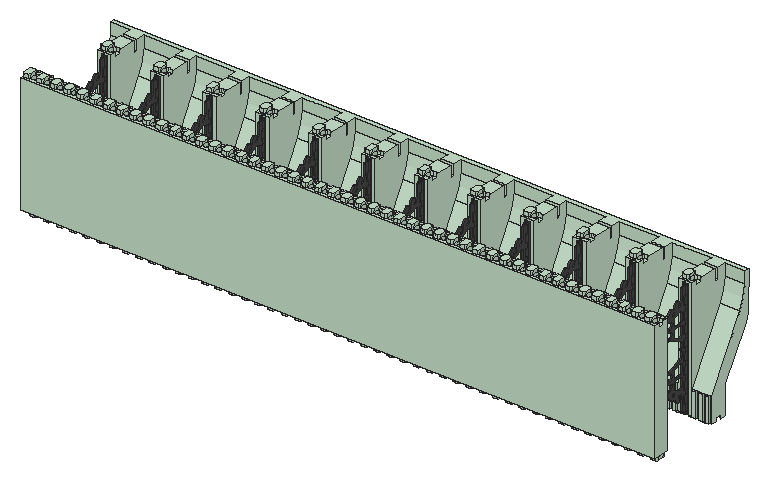
Revit family (continued)
Definition of nested family "NUDURA Diamond Pattern"
  Lines and regions (mm)
    model lines
      curve 177: arc (108.981, -142.875, 41.692) -> (107.493, -142.875, 38.1) -> (108.981, -142.875, 34.508) r 5.08
      curve 178: arc (105.934, -142.875, 33.065) -> (101.444, -142.875, 34.925) -> (96.953, -142.875, 33.065) r 6.35
      curve 179: line (115.459, -142.875, 23.54) -> (105.934, -142.875, 33.065)
      curve 180: arc (115.459, -142.875, 14.56) -> (117.319, -142.875, 19.05) -> (115.459, -142.875, 23.54) r 6.35
      curve 181: line (105.934, -142.875, 5.035) -> (115.459, -142.875, 14.56)
      curve 182: arc (96.953, -142.875, 5.035) -> (101.444, -142.875, 3.175) -> (105.934, -142.875, 5.035) r 6.35
      curve 183: line (87.428, -142.875, 14.56) -> (96.953, -142.875, 5.035)
      curve 184: arc (87.428, -142.875, 23.54) -> (85.569, -142.875, 19.05) -> (87.428, -142.875, 14.56) r 6.35
      curve 185: line (96.953, -142.875, 33.065) -> (87.428, -142.875, 23.54)
      curve 186: arc (108.981, -142.875, 79.792) -> (107.493, -142.875, 76.2) -> (108.981, -142.875, 72.608) r 5.08
      curve 187: arc (108.981, -142.875, 117.892) -> (107.493, -142.875, 114.3) -> (108.981, -142.875, 110.708) r 5.08
      curve 188: arc (108.981, -142.875, 155.992) -> (107.493, -142.875, 152.4) -> (108.981, -142.875, 148.808) r 5.08
      curve 189: arc (108.981, -142.875, 194.092) -> (107.493, -142.875, 190.5) -> (108.981, -142.875, 186.908) r 5.08
      curve 190: arc (108.981, -142.875, 232.192) -> (107.493, -142.875, 228.6) -> (108.981, -142.875, 225.008) r 5.08
      curve 191: arc (108.981, -142.875, 270.292) -> (107.493, -142.875, 266.7) -> (108.981, -142.875, 263.108) r 5.08
      curve 192: arc (108.981, -142.875, 308.392) -> (107.493, -142.875, 304.8) -> (108.981, -142.875, 301.208) r 5.08
      curve 193: arc (108.981, -142.875, 346.492) -> (107.493, -142.875, 342.9) -> (108.981, -142.875, 339.308) r 5.08
      curve 194: arc (108.981, -142.875, 384.592) -> (107.493, -142.875, 381) -> (108.981, -142.875, 377.408) r 5.08
      curve 195: arc (108.981, -142.875, 422.692) -> (107.493, -142.875, 419.1) -> (108.981, -142.875, 415.508) r 5.08
Definition of nested family "NUDURA Logo Diamond"
  Reference planes
    plane 1 "Center (Front/Back)": y = 0
    plane 2: z = 0
    plane 3 "Center (Left/Right)": x = 0
  Lines and regions (mm)
    model lines
      curve 1: line (320.001, 0, 444.526) -> (311.021, 0, 453.507)
      curve 2: line (313.973, 0, 425.925) -> (320.001, 0, 431.954)
      curve 3: line (320.001, 0, 406.426) -> (313.973, 0, 412.455)
      curve 4: line (313.973, 0, 387.825) -> (320.001, 0, 393.854)
      curve 5: line (320.001, 0, 368.326) -> (313.973, 0, 374.355)
      curve 6: line (313.973, 0, 349.725) -> (320.001, 0, 355.754)
      curve 7: line (309.225, 0, 337.411) -> (322.887, 0, 323.749)
      curve 8: line (322.887, 0, 323.749) -> (324.683, 0, 325.545)
      curve 9: line (286.583, 0, 323.749) -> (300.245, 0, 337.411)
      curve 10: line (295.497, 0, 336.255) -> (284.787, 0, 325.545)
      curve 11: line (289.468, 0, 355.754) -> (295.497, 0, 349.725)
      curve 12: line (295.497, 0, 374.355) -> (289.468, 0, 368.326)
      curve 13: line (289.468, 0, 393.854) -> (295.497, 0, 387.825)
      curve 14: line (295.497, 0, 412.455) -> (289.468, 0, 406.426)
      curve 15: line (289.468, 0, 431.954) -> (295.497, 0, 425.925)
      curve 16: line (298.449, 0, 453.507) -> (289.468, 0, 444.526)
      curve 17: line (300.245, 0, 451.711) -> (291.265, 0, 442.73)
      curve 18: line (318.205, 0, 442.73) -> (309.225, 0, 451.711)
      curve 19: line (309.225, 0, 424.77) -> (318.205, 0, 433.75)
      curve 20: line (291.265, 0, 433.75) -> (300.245, 0, 424.77)
      curve 21: arc (289.468, 0, 444.526) -> (286.865, 0, 438.24) -> (289.468, 0, 431.954) r 8.89
      curve 22: arc (298.449, 0, 453.507) -> (304.735, 0, 456.111) -> (311.021, 0, 453.507) r 8.89
      curve 23: arc (291.265, 0, 442.73) -> (289.405, 0, 438.24) -> (291.265, 0, 433.75) r 6.35
      curve 24: arc (318.205, 0, 442.73) -> (320.065, 0, 438.24) -> (318.205, 0, 433.75) r 6.35
      curve 25: arc (309.225, 0, 424.77) -> (304.735, 0, 422.91) -> (300.245, 0, 424.77) r 6.35
      curve 26: arc (300.245, 0, 451.711) -> (304.735, 0, 453.571) -> (309.225, 0, 451.711) r 6.35
      curve 27: arc (320.001, 0, 444.526) -> (322.605, 0, 438.24) -> (320.001, 0, 431.954) r 8.89
      curve 28: arc (295.497, 0, 425.925) -> (298.287, 0, 419.19) -> (295.497, 0, 412.455) r 9.525
      curve 29: arc (313.973, 0, 425.925) -> (311.183, 0, 419.19) -> (313.973, 0, 412.455) r 9.525
      curve 30: line (313.973, 0, 387.825) -> (320.001, 0, 393.854)
      curve 31: line (289.468, 0, 393.854) -> (295.497, 0, 387.825)
      curve 32: line (300.245, 0, 413.611) -> (291.265, 0, 404.63)
      curve 33: line (318.205, 0, 404.63) -> (309.225, 0, 413.611)
      curve 34: line (309.225, 0, 386.67) -> (318.205, 0, 395.65)
      curve 35: line (291.265, 0, 395.65) -> (300.245, 0, 386.67)
      curve 36: arc (289.468, 0, 406.426) -> (286.865, 0, 400.14) -> (289.468, 0, 393.854) r 8.89
      curve 37: arc (291.265, 0, 404.63) -> (289.405, 0, 400.14) -> (291.265, 0, 395.65) r 6.35
      curve 38: arc (318.205, 0, 404.63) -> (320.065, 0, 400.14) -> (318.205, 0, 395.65) r 6.35
      curve 39: arc (309.225, 0, 386.67) -> (304.735, 0, 384.81) -> (300.245, 0, 386.67) r 6.35
      curve 40: arc (300.245, 0, 413.611) -> (304.735, 0, 415.471) -> (309.225, 0, 413.611) r 6.35
      curve 41: arc (320.001, 0, 406.426) -> (322.605, 0, 400.14) -> (320.001, 0, 393.854) r 8.89
      curve 42: line (295.497, 0, 412.455) -> (289.468, 0, 406.426)
      curve 43: line (320.001, 0, 406.426) -> (313.973, 0, 412.455)
      curve 44: arc (295.497, 0, 387.825) -> (298.287, 0, 381.09) -> (295.497, 0, 374.355) r 9.525
      curve 45: arc (313.973, 0, 387.825) -> (311.183, 0, 381.09) -> (313.973, 0, 374.355) r 9.525
      curve 46: line (313.973, 0, 349.725) -> (320.001, 0, 355.754)
      curve 47: line (289.468, 0, 355.754) -> (295.497, 0, 349.725)
      curve 48: line (300.245, 0, 375.511) -> (291.265, 0, 366.53)
      curve 49: line (318.205, 0, 366.53) -> (309.225, 0, 375.511)
      curve 50: line (309.225, 0, 348.57) -> (318.205, 0, 357.55)
      curve 51: line (291.265, 0, 357.55) -> (300.245, 0, 348.57)
      curve 52: arc (289.468, 0, 368.326) -> (286.865, 0, 362.04) -> (289.468, 0, 355.754) r 8.89
      curve 53: arc (291.265, 0, 366.53) -> (289.405, 0, 362.04) -> (291.265, 0, 357.55) r 6.35
      curve 54: arc (318.205, 0, 366.53) -> (320.065, 0, 362.04) -> (318.205, 0, 357.55) r 6.35
      curve 55: arc (309.225, 0, 348.57) -> (304.735, 0, 346.71) -> (300.245, 0, 348.57) r 6.35
      curve 56: arc (300.245, 0, 375.511) -> (304.735, 0, 377.371) -> (309.225, 0, 375.511) r 6.35
      curve 57: arc (320.001, 0, 368.326) -> (322.605, 0, 362.04) -> (320.001, 0, 355.754) r 8.89
      curve 58: line (295.497, 0, 374.355) -> (289.468, 0, 368.326)
      curve 59: arc (295.497, 0, 349.725) -> (298.287, 0, 342.99) -> (295.497, 0, 336.255) r 9.525
      curve 60: arc (313.973, 0, 349.725) -> (311.183, 0, 342.99) -> (313.973, 0, 336.255) r 9.525
      curve 61: line (324.683, 0, 325.545) -> (313.973, 0, 336.255)
      curve 62: line (284.787, 0, 325.545) -> (286.583, 0, 323.749)
      curve 63: arc (300.245, 0, 337.411) -> (304.735, 0, 339.271) -> (309.225, 0, 337.411) r 6.35
      curve 64: line (320.001, 0, 12.854) -> (311.021, 0, 3.874)
      curve 65: line (313.973, 0, 31.455) -> (320.001, 0, 25.426)
      curve 66: line (320.001, 0, 50.954) -> (313.973, 0, 44.925)
      curve 67: line (313.973, 0, 69.555) -> (320.001, 0, 63.526)
      curve 68: line (320.001, 0, 89.054) -> (313.973, 0, 83.025)
      curve 69: line (313.973, 0, 107.655) -> (320.001, 0, 101.626)
      curve 70: line (309.225, 0, 119.97) -> (322.887, 0, 133.632)
      curve 71: line (322.887, 0, 133.632) -> (324.683, 0, 131.836)
      curve 72: line (286.583, 0, 133.632) -> (300.245, 0, 119.97)
      curve 73: line (295.497, 0, 121.125) -> (284.787, 0, 131.836)
      curve 74: line (289.468, 0, 101.626) -> (295.497, 0, 107.655)
      curve 75: line (295.497, 0, 83.025) -> (289.468, 0, 89.054)
      curve 76: line (289.468, 0, 63.526) -> (295.497, 0, 69.555)
      curve 77: line (295.497, 0, 44.925) -> (289.468, 0, 50.954)
      curve 78: line (289.468, 0, 25.426) -> (295.497, 0, 31.455)
      curve 79: line (298.449, 0, 3.874) -> (289.468, 0, 12.854)
      curve 80: line (300.245, 0, 5.67) -> (291.265, 0, 14.65)
      curve 81: line (318.205, 0, 14.65) -> (309.225, 0, 5.67)
      curve 82: line (309.225, 0, 32.611) -> (318.205, 0, 23.63)
      curve 83: line (291.265, 0, 23.63) -> (300.245, 0, 32.611)
      curve 84: arc (289.468, 0, 12.854) -> (286.865, 0, 19.14) -> (289.468, 0, 25.426) r 8.89
      curve 85: arc (298.449, 0, 3.874) -> (304.735, 0, 1.27) -> (311.021, 0, 3.874) r 8.89
      curve 86: arc (291.265, 0, 14.65) -> (289.405, 0, 19.14) -> (291.265, 0, 23.63) r 6.35
      curve 87: arc (318.205, 0, 14.65) -> (320.065, 0, 19.14) -> (318.205, 0, 23.63) r 6.35
      curve 88: arc (309.225, 0, 32.611) -> (304.735, 0, 34.471) -> (300.245, 0, 32.611) r 6.35
      curve 89: arc (300.245, 0, 5.67) -> (304.735, 0, 3.81) -> (309.225, 0, 5.67) r 6.35
      curve 90: arc (320.001, 0, 12.854) -> (322.605, 0, 19.14) -> (320.001, 0, 25.426) r 8.89
      curve 91: arc (295.497, 0, 31.455) -> (298.287, 0, 38.19) -> (295.497, 0, 44.925) r 9.525
      curve 92: arc (313.973, 0, 31.455) -> (311.183, 0, 38.19) -> (313.973, 0, 44.925) r 9.525
      curve 93: line (313.973, 0, 69.555) -> (320.001, 0, 63.526)
      curve 94: line (289.468, 0, 63.526) -> (295.497, 0, 69.555)
      curve 95: line (300.245, 0, 43.77) -> (291.265, 0, 52.75)
      curve 96: line (318.205, 0, 52.75) -> (309.225, 0, 43.77)
      curve 97: line (309.225, 0, 70.711) -> (318.205, 0, 61.73)
      curve 98: line (291.265, 0, 61.73) -> (300.245, 0, 70.711)
      curve 99: arc (289.468, 0, 50.954) -> (286.865, 0, 57.24) -> (289.468, 0, 63.526) r 8.89
      curve 100: arc (291.265, 0, 52.75) -> (289.405, 0, 57.24) -> (291.265, 0, 61.73) r 6.35
      curve 101: arc (318.205, 0, 52.75) -> (320.065, 0, 57.24) -> (318.205, 0, 61.73) r 6.35
      curve 102: arc (309.225, 0, 70.711) -> (304.735, 0, 72.571) -> (300.245, 0, 70.711) r 6.35
      curve 103: arc (300.245, 0, 43.77) -> (304.735, 0, 41.91) -> (309.225, 0, 43.77) r 6.35
      curve 104: arc (320.001, 0, 50.954) -> (322.605, 0, 57.24) -> (320.001, 0, 63.526) r 8.89
      curve 105: line (295.497, 0, 44.925) -> (289.468, 0, 50.954)
      curve 106: line (320.001, 0, 50.954) -> (313.973, 0, 44.925)
      curve 107: arc (295.497, 0, 69.555) -> (298.287, 0, 76.29) -> (295.497, 0, 83.025) r 9.525
      curve 108: arc (313.973, 0, 69.555) -> (311.183, 0, 76.29) -> (313.973, 0, 83.025) r 9.525
      curve 109: line (313.973, 0, 107.655) -> (320.001, 0, 101.626)
      curve 110: line (289.468, 0, 101.626) -> (295.497, 0, 107.655)
      curve 111: line (300.245, 0, 81.87) -> (291.265, 0, 90.85)
      curve 112: line (318.205, 0, 90.85) -> (309.225, 0, 81.87)
      curve 113: line (309.225, 0, 108.811) -> (318.205, 0, 99.83)
      curve 114: line (291.265, 0, 99.83) -> (300.245, 0, 108.811)
      curve 115: arc (289.468, 0, 89.054) -> (286.865, 0, 95.34) -> (289.468, 0, 101.626) r 8.89
      curve 116: arc (291.265, 0, 90.85) -> (289.405, 0, 95.34) -> (291.265, 0, 99.83) r 6.35
      curve 117: arc (318.205, 0, 90.85) -> (320.065, 0, 95.34) -> (318.205, 0, 99.83) r 6.35
      curve 118: arc (309.225, 0, 108.811) -> (304.735, 0, 110.671) -> (300.245, 0, 108.811) r 6.35
      curve 119: arc (300.245, 0, 81.87) -> (304.735, 0, 80.01) -> (309.225, 0, 81.87) r 6.35
      curve 120: arc (320.001, 0, 89.054) -> (322.605, 0, 95.34) -> (320.001, 0, 101.626) r 8.89
      curve 121: line (295.497, 0, 83.025) -> (289.468, 0, 89.054)
      curve 122: arc (295.497, 0, 107.655) -> (298.287, 0, 114.39) -> (295.497, 0, 121.125) r 9.525
      curve 123: arc (313.973, 0, 107.655) -> (311.183, 0, 114.39) -> (313.973, 0, 121.125) r 9.525
      curve 124: line (324.683, 0, 131.836) -> (313.973, 0, 121.125)
      curve 125: line (284.787, 0, 131.836) -> (286.583, 0, 133.632)
      curve 126: arc (300.245, 0, 119.97) -> (304.735, 0, 118.11) -> (309.225, 0, 119.97) r 6.35
      curve 127: line (314.26, 0, 317.59) -> (295.21, 0, 317.59)
      curve 128: line (323.785, 0, 149.315) -> (323.785, 0, 308.065)
      curve 129: line (285.685, 0, 308.065) -> (285.685, 0, 149.315)
      curve 130: line (295.21, 0, 139.79) -> (314.26, 0, 139.79)
      curve 131: line (316.797, 0, 304.89) -> (305.798, 0, 311.24)
      curve 132: line (316.797, 0, 292.19) -> (316.797, 0, 304.89)
      curve 133: line (311.298, 0, 289.015) -> (316.797, 0, 292.19)
      curve 134: line (305.373, 0, 292.436) -> (311.298, 0, 289.015)
      curve 135: line (310.447, 0, 295.365) -> (305.373, 0, 292.436)
      curve 136: line (299.874, 0, 307.82) -> (310.447, 0, 301.715)
      curve 137: line (310.447, 0, 301.715) -> (310.447, 0, 295.365)
      curve 138: line (305.798, 0, 311.24) -> (299.874, 0, 307.82)
      curve 139: line (299.023, 0, 295.611) -> (304.097, 0, 298.54)
      curve 140: line (304.097, 0, 298.54) -> (298.172, 0, 301.961)
      curve 141: line (298.172, 0, 301.961) -> (292.673, 0, 298.786)
      curve 142: line (292.673, 0, 298.786) -> (292.673, 0, 286.086)
      curve 143: line (299.023, 0, 289.261) -> (299.023, 0, 295.611)
      curve 144: line (309.596, 0, 283.156) -> (299.023, 0, 289.261)
      curve 145: line (303.671, 0, 279.736) -> (309.596, 0, 283.156)
      curve 146: line (292.673, 0, 286.086) -> (303.671, 0, 279.736)
      curve 147: line (312.702, 0, 269.344) -> (296.768, 0, 272.912)
      curve 148: line (296.768, 0, 272.912) -> (296.768, 0, 267.036)
      curve 149: line (296.768, 0, 267.036) -> (308.089, 0, 264.517)
      curve 150: line (308.089, 0, 264.517) -> (296.768, 0, 260.949)
      curve 151: line (296.768, 0, 260.949) -> (296.768, 0, 251.084)
      curve 152: line (296.768, 0, 251.084) -> (309.138, 0, 248.314)
      curve 153: line (309.138, 0, 248.314) -> (309.138, 0, 247.516)
      curve 154: line (309.138, 0, 247.516) -> (301.281, 0, 248.991)
      curve 155: line (296.768, 0, 245.246) -> (296.768, 0, 237.71)
      curve 156: line (306.598, 0, 222.094) -> (306.598, 0, 228.599)
      curve 157: line (306.598, 0, 228.599) -> (296.768, 0, 230.786)
      curve 158: line (296.768, 0, 230.786) -> (296.768, 0, 215.343)
      curve 159: line (302.723, 0, 230.274) -> (312.702, 0, 228.039)
      curve 160: line (300.341, 0, 217.291) -> (300.341, 0, 223.486)
      curve 161: line (300.341, 0, 223.486) -> (306.598, 0, 222.094)
      curve 162: line (296.768, 0, 205.027) -> (296.768, 0, 197.49)
      curve 163: line (302.723, 0, 190.055) -> (310.162, 0, 188.389)
      curve 164: line (310.162, 0, 188.389) -> (310.162, 0, 176.633)
      curve 165: line (308.892, 0, 175.363) -> (307.868, 0, 175.363)
      curve 166: line (306.598, 0, 176.633) -> (306.598, 0, 180.004)
      curve 167: line (306.598, 0, 180.004) -> (307.868, 0, 179.719)
      curve 168: line (307.868, 0, 179.719) -> (307.868, 0, 186.3)
      curve 169: line (307.868, 0, 186.3) -> (296.768, 0, 188.785)
      curve 170: line (296.768, 0, 188.785) -> (296.768, 0, 182.205)
      curve 171: line (296.768, 0, 182.205) -> (304.058, 0, 180.572)
      curve 172: line (304.058, 0, 180.572) -> (304.058, 0, 177.654)
      curve 173: line (302.788, 0, 176.384) -> (296.768, 0, 176.384)
      curve 174: line (296.768, 0, 176.384) -> (296.768, 0, 164.003)
      curve 175: line (296.768, 0, 164.003) -> (299.284, 0, 162.219)
      curve 176: line (299.284, 0, 162.219) -> (299.284, 0, 153.715)
      curve 177: line (307.942, 0, 156.079) -> (301.824, 0, 160.418)
      curve 178: line (301.824, 0, 160.418) -> (301.824, 0, 154.409)
      curve 179: line (301.824, 0, 154.409) -> (307.942, 0, 156.079)
      curve 180: line (299.284, 0, 153.715) -> (296.768, 0, 153.028)
      curve 181: line (296.768, 0, 153.028) -> (296.768, 0, 146.14)
      curve 182: line (296.768, 0, 146.14) -> (312.702, 0, 150.491)
      curve 183: line (312.702, 0, 150.491) -> (312.702, 0, 159.713)
      curve 184: line (312.702, 0, 159.713) -> (298.767, 0, 169.594)
      curve 185: line (298.767, 0, 169.594) -> (302.342, 0, 169.594)
      curve 186: line (312.702, 0, 172.383) -> (312.702, 0, 193.945)
      curve 187: line (312.702, 0, 193.945) -> (302.326, 0, 196.268)
      curve 188: line (300.341, 0, 198.747) -> (300.341, 0, 201.381)
      curve 189: line (301.888, 0, 202.62) -> (312.702, 0, 200.199)
      curve 190: line (312.702, 0, 200.199) -> (312.702, 0, 206.628)
      curve 191: line (312.702, 0, 206.628) -> (306.843, 0, 207.728)
      curve 192: line (312.702, 0, 212.942) -> (312.702, 0, 227.241)
      curve 193: line (312.702, 0, 227.241) -> (309.138, 0, 228.034)
      curve 194: line (309.138, 0, 228.034) -> (309.138, 0, 217.291)
      curve 195: line (312.702, 0, 228.039) -> (312.702, 0, 234.164)
      curve 196: line (312.702, 0, 234.164) -> (302.326, 0, 236.488)
      curve 197: line (300.341, 0, 238.966) -> (300.341, 0, 241.6)
      curve 198: line (301.736, 0, 242.874) -> (312.702, 0, 240.418)
      curve 199: line (312.702, 0, 240.418) -> (312.702, 0, 253.611)
      curve 200: line (312.702, 0, 253.611) -> (302.429, 0, 255.912)
      curve 201: line (302.429, 0, 255.912) -> (312.702, 0, 259.27)
      curve 202: line (312.702, 0, 259.27) -> (312.702, 0, 269.344)
      curve 203: arc (296.768, 0, 245.246) -> (298.145, 0, 248.178) -> (301.281, 0, 248.991) r 3.81
      curve 204: arc (296.768, 0, 237.71) -> (298.44, 0, 232.946) -> (302.723, 0, 230.274) r 7.62
      curve 205: arc (300.842, 0, 208.826) -> (297.87, 0, 211.5) -> (296.768, 0, 215.343) r 7.251
      curve 206: arc (296.768, 0, 205.027) -> (297.979, 0, 207.812) -> (300.842, 0, 208.826) r 3.808
      curve 207: arc (296.768, 0, 197.49) -> (298.44, 0, 192.727) -> (302.723, 0, 190.055) r 7.62
      curve 208: arc (300.341, 0, 198.747) -> (300.898, 0, 197.159) -> (302.326, 0, 196.268) r 2.54
      curve 209: arc (300.341, 0, 201.381) -> (300.817, 0, 202.372) -> (301.888, 0, 202.62) r 1.27
      curve 210: arc (307.868, 0, 175.363) -> (306.969, 0, 175.735) -> (306.598, 0, 176.633) r 1.27
      curve 211: arc (308.892, 0, 175.363) -> (309.79, 0, 175.735) -> (310.162, 0, 176.633) r 1.27
      curve 212: arc (304.058, 0, 177.654) -> (303.686, 0, 176.756) -> (302.788, 0, 176.384) r 1.27
      curve 213: arc (302.342, 0, 169.594) -> (303.976, 0, 170.198) -> (304.826, 0, 171.718) r 2.516
      curve 214: arc (304.826, 0, 171.718) -> (309.07, 0, 168.432) -> (312.702, 0, 172.383) r 3.966
      curve 215: arc (306.843, 0, 207.728) -> (310.942, 0, 209.02) -> (312.702, 0, 212.942) r 5.249
      curve 216: arc (300.341, 0, 217.291) -> (304.739, 0, 212.893) -> (309.138, 0, 217.291) r 4.398
      curve 217: arc (300.341, 0, 238.966) -> (300.898, 0, 237.378) -> (302.326, 0, 236.488) r 2.54
      curve 218: arc (300.341, 0, 241.6) -> (300.886, 0, 242.648) -> (302.057, 0, 242.802) r 1.279
      curve 219: arc (285.685, 0, 308.065) -> (288.475, 0, 314.8) -> (295.21, 0, 317.59) r 9.525
      curve 220: arc (314.26, 0, 317.59) -> (320.995, 0, 314.8) -> (323.785, 0, 308.065) r 9.525
      curve 221: arc (285.685, 0, 149.315) -> (288.475, 0, 142.58) -> (295.21, 0, 139.79) r 9.525
      curve 222: arc (314.26, 0, 139.79) -> (320.995, 0, 142.58) -> (323.785, 0, 149.315) r 9.525
      curve 223: line (253.935, 0, 457.2) -> (253.935, 0, 0)
      curve 224: line (355.535, 0, 457.2) -> (355.535, 0, 0)
      curve 225: line (406.335, 0, 457.2) -> (406.335, 0, 0)
Definition of nested family "NUDURA Brick Ledge Diamond Pattern"
  Reference planes
    plane 1 "Center (Front/Back)": y = 0
    plane 2: z = 0
    plane 3 "Center (Left/Right)": x = 0
    plane 4: z = 101.6
  Lines and regions (mm)
    model lines
      curve 1: line (203.2, -142.875, 101.6) -> (203.2, -142.875, 0)
      curve 2: line (152.4, -142.875, 101.6) -> (152.4, -142.875, 0)
      curve 3: line (50.8, -142.875, 101.6) -> (50.8, -142.875, 0)
      curve 4: arc (117.704, -142.875, 88.515) -> (120.494, -142.875, 95.25) -> (117.704, -142.875, 101.985) r 9.525
      curve 5: line (108.981, -142.875, 79.792) -> (117.704, -142.875, 88.515)
      curve 6: line (85.183, -142.875, 88.515) -> (93.906, -142.875, 79.792)
      curve 7: arc (85.183, -142.875, 101.985) -> (82.394, -142.875, 95.25) -> (85.183, -142.875, 88.515) r 9.525
      curve 8: arc (105.934, -142.875, 109.265) -> (101.444, -142.875, 111.125) -> (96.953, -142.875, 109.265) r 6.35
      curve 9: line (96.953, -142.875, 109.265) -> (87.428, -142.875, 99.74)
      curve 10: arc (87.428, -142.875, 99.74) -> (85.569, -142.875, 95.25) -> (87.428, -142.875, 90.76) r 6.35
      curve 11: line (87.428, -142.875, 90.76) -> (96.953, -142.875, 81.235)
      curve 12: arc (96.953, -142.875, 81.235) -> (101.444, -142.875, 79.375) -> (105.934, -142.875, 81.235) r 6.35
      curve 13: line (105.934, -142.875, 81.235) -> (115.459, -142.875, 90.76)
      curve 14: arc (115.459, -142.875, 90.76) -> (117.319, -142.875, 95.25) -> (115.459, -142.875, 99.74) r 6.35
      curve 15: line (115.459, -142.875, 99.74) -> (105.934, -142.875, 109.265)
      curve 16: arc (93.906, -142.875, 72.608) -> (95.394, -142.875, 76.2) -> (93.906, -142.875, 79.792) r 5.08
      curve 17: line (117.704, -142.875, 63.885) -> (108.981, -142.875, 72.608)
      curve 18: arc (117.704, -142.875, 50.415) -> (120.494, -142.875, 57.15) -> (117.704, -142.875, 63.885) r 9.525
      curve 19: line (108.981, -142.875, 41.692) -> (117.704, -142.875, 50.415)
      curve 20: line (85.183, -142.875, 50.415) -> (93.906, -142.875, 41.692)
      curve 21: arc (85.183, -142.875, 63.885) -> (82.394, -142.875, 57.15) -> (85.183, -142.875, 50.415) r 9.525
      curve 22: line (93.906, -142.875, 72.608) -> (85.183, -142.875, 63.885)
      curve 23: arc (105.934, -142.875, 71.165) -> (101.444, -142.875, 73.025) -> (96.953, -142.875, 71.165) r 6.35
      curve 24: line (96.953, -142.875, 71.165) -> (87.428, -142.875, 61.64)
      curve 25: arc (87.428, -142.875, 61.64) -> (85.569, -142.875, 57.15) -> (87.428, -142.875, 52.66) r 6.35
      curve 26: line (87.428, -142.875, 52.66) -> (96.953, -142.875, 43.135)
      curve 27: arc (96.953, -142.875, 43.135) -> (101.444, -142.875, 41.275) -> (105.934, -142.875, 43.135) r 6.35
      curve 28: line (105.934, -142.875, 43.135) -> (115.459, -142.875, 52.66)
      curve 29: arc (115.459, -142.875, 52.66) -> (117.319, -142.875, 57.15) -> (115.459, -142.875, 61.64) r 6.35
      curve 30: line (115.459, -142.875, 61.64) -> (105.934, -142.875, 71.165)
      curve 31: arc (93.906, -142.875, 34.508) -> (95.394, -142.875, 38.1) -> (93.906, -142.875, 41.692) r 5.08
      curve 32: line (93.906, -142.875, 34.508) -> (85.183, -142.875, 25.785)
      curve 33: arc (85.183, -142.875, 25.785) -> (82.394, -142.875, 19.05) -> (85.183, -142.875, 12.315) r 9.525
      curve 34: line (85.183, -142.875, 12.315) -> (94.708, -142.875, 2.79)
      curve 35: arc (94.708, -142.875, 2.79) -> (101.444, -142.875, 0) -> (108.179, -142.875, 2.79) r 9.525
      curve 36: line (108.179, -142.875, 2.79) -> (117.704, -142.875, 12.315)
      curve 37: arc (117.704, -142.875, 12.315) -> (120.494, -142.875, 19.05) -> (117.704, -142.875, 25.785) r 9.525
      curve 38: line (117.704, -142.875, 25.785) -> (108.981, -142.875, 34.508)
      curve 39: arc (108.981, -142.875, 41.692) -> (107.493, -142.875, 38.1) -> (108.981, -142.875, 34.508) r 5.08
      curve 40: arc (105.934, -142.875, 33.065) -> (101.444, -142.875, 34.925) -> (96.953, -142.875, 33.065) r 6.35
      curve 41: line (115.459, -142.875, 23.54) -> (105.934, -142.875, 33.065)
      curve 42: arc (115.459, -142.875, 14.56) -> (117.319, -142.875, 19.05) -> (115.459, -142.875, 23.54) r 6.35
      curve 43: line (105.934, -142.875, 5.035) -> (115.459, -142.875, 14.56)
      curve 44: arc (96.953, -142.875, 5.035) -> (101.444, -142.875, 3.175) -> (105.934, -142.875, 5.035) r 6.35
      curve 45: line (87.428, -142.875, 14.56) -> (96.953, -142.875, 5.035)
      curve 46: arc (87.428, -142.875, 23.54) -> (85.569, -142.875, 19.05) -> (87.428, -142.875, 14.56) r 6.35
      curve 47: line (96.953, -142.875, 33.065) -> (87.428, -142.875, 23.54)
      curve 48: arc (108.981, -142.875, 79.792) -> (107.493, -142.875, 76.2) -> (108.981, -142.875, 72.608) r 5.08
      curve 49: line (94.708, -142.875, 111.51) -> (85.183, -142.875, 101.985)
      curve 50: arc (108.179, -142.875, 111.51) -> (101.444, -142.875, 114.3) -> (94.708, -142.875, 111.51) r 9.525
      curve 51: line (117.704, -142.875, 101.985) -> (108.179, -142.875, 111.51)
